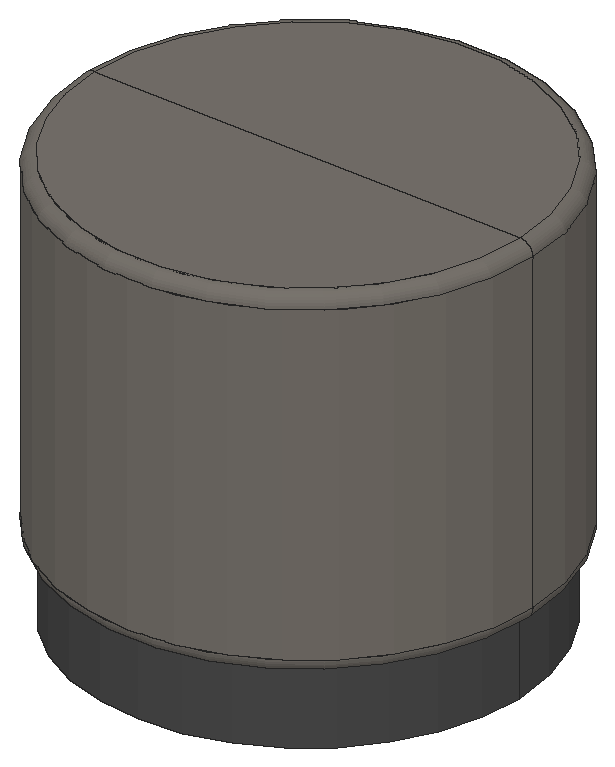
Revit family "970 Pouf Stool", category Generic Models, Revit 2018
Family settings
  Can host rebar = No
  Round Connector Dimension = Use Diameter
  Part Type = Normal
  Work Plane-Based = No
  Always vertical = Yes
  Cut with Voids When Loaded = No
  Shared = No
  Room Calculation Point = No
Parameters
  Fabric = 970 Fabric
Reference planes (in)
  plane 1 "Center (Front/Back)": y = 0
  plane 2: z = 0
  plane 3 "Center (Left/Right)": x = 0
Forms (in)
  Revolve 1, solid, material "970 Fabric" <- "Fabric"
    sketch origin (0, 0, -0.03765) x (1, 0, 0) y (0, 0, 1)
      loop
        line (0, 3.18765) -> (8.43803, 3.18765)
        arc (8.43803, 3.18765) -> (8.81275, 3.34287) -> (8.96796, 3.71759) r 0.52994
        line (8.96796, 3.71759) -> (8.96796, 16.22336)
        arc (8.96796, 16.22336) -> (8.82152, 16.57691) -> (8.46796, 16.72336) r 0.5
        line (8.46796, 16.72336) -> (0, 16.72336) -> (0, 3.18765)
      axis (0, 16.72336) -> (0, 3.18765)
    angle from 0 to 360
  Revolve 2, solid, material "970 Base"
    sketch origin (0, 0, -0.03765) x (1, 0, 0) y (0, 0, 1)
      loop
        line (0, 3.18765) -> (0, 0.28765) -> (8.43803, 0.28765) -> (8.43803, 3.18765) -> (0, 3.18765)
      axis (0, 3.18765) -> (0, 0.28765)
    angle from 0 to 360
  Revolve 3, solid, material "970 Gliders"
    sketch origin (0, 0, -0.03765) x (1, 0, 0) y (0, 0, 1)
      loop
        arc (-7.5, 0.03764) -> (-7.29589, 0.10746) -> (-7.1773, 0.28765) r 0.33326
        line (-7.1773, 0.28765) -> (-7.5, 0.28765) -> (-7.5, 0.03764)
      axis (-7.5, 0.03764) -> (-7.5, 0.28765)
    angle from 0 to 360
  Revolve 4, solid, material "970 Gliders"
    sketch origin (0, 0, -0.03765) x (-1, 0, 0) y (0, 0, 1)
      loop
        arc (-7.5, 0.03764) -> (-7.29589, 0.10746) -> (-7.1773, 0.28765) r 0.33326
        line (-7.1773, 0.28765) -> (-7.5, 0.28765) -> (-7.5, 0.03764)
      axis (-7.5, 0.03764) -> (-7.5, 0.28765)
    angle from 0 to 360
  Revolve 5, solid, material "970 Gliders"
    sketch origin (0, 0, -0.03765) x (0, -1, 0) y (0, 0, 1)
      loop
        arc (-7.5, 0.03764) -> (-7.29589, 0.10746) -> (-7.1773, 0.28765) r 0.33326
        line (-7.1773, 0.28765) -> (-7.5, 0.28765) -> (-7.5, 0.03764)
      axis (-7.5, 0.03764) -> (-7.5, 0.28765)
    angle from 0 to 360
  Revolve 6, solid, material "970 Gliders"
    sketch origin (0, 0, -0.03765) x (0, 1, 0) y (0, 0, -1)
      loop
        line (-7.5, -0.03764) -> (-7.5, -0.28765) -> (-7.1773, -0.28765)
        arc (-7.1773, -0.28765) -> (-7.29589, -0.10746) -> (-7.5, -0.03764) r 0.33326
      axis (-7.5, -0.03764) -> (-7.5, -0.28765)
    angle from 0 to 360
Dimensions and locks (in)
  aligned and locked: plane 2 to level
